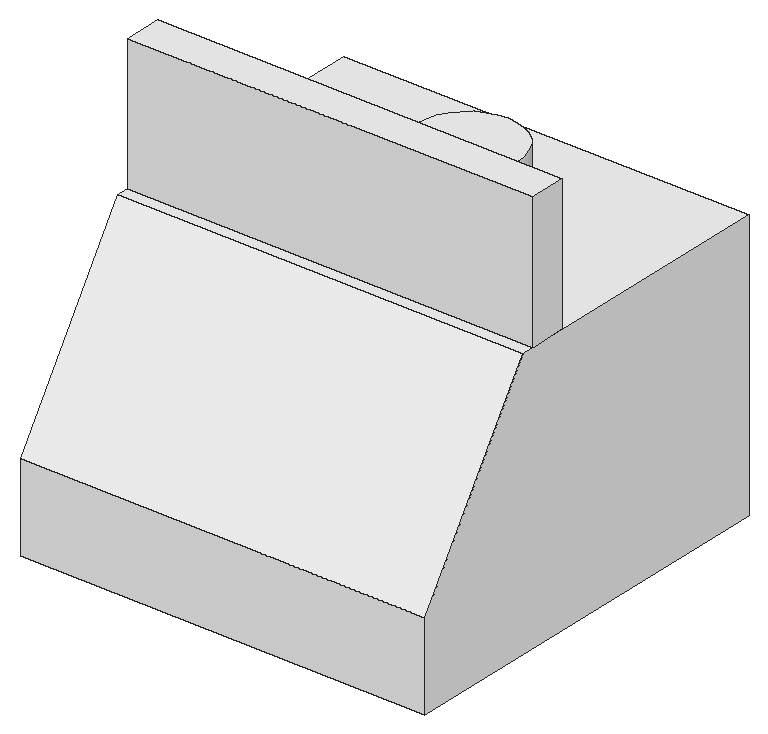
Revit family "v-604ksw8(-bl)_50Hz", category 機械設備, Revit 2019
Family settings
  丸型コネクタ寸法 = 直径を使用
  パーツ タイプ = 標準
  OmniClass 番号 = 23.75.35.17.27
  OmniClass タイトル = Centrifugal Fans
  作業面ベース = いいえ
  常に垂直 = はい
  ロード時にボイドで切り取り = いいえ
  共有 = いいえ
  部屋計算ポイント = いいえ
Parameters (values of type "V-604KSW8")
  騒音レベル(dB(A)) = 39.5
  風量 = 600.0 m³/h
  電源種別 [instance] = ""
  電圧 = 100 V
  電動機出力 = 0 W
  電動機_種別 = ""
  集中コントローラ = ""
  運転質量 = 0.00 kg
  連動 [instance] = ""
  質量 = if(製品質量 > 運転質量, 製品質量, 運転質量) * 1.2  # 19.80 kg
  負荷分類 = 3_ファン類
  説明 = "レンジフードファン 深形 標準タイプ 壁スイッチタイプ"
  設計風量 = 0.0 m³/h
  設置方法 = "天吊"
  記号 [instance] = ""
  製造元 = "三菱電機株式会社"
  製品質量 = 16.50 kg
  製品出荷対象 = "国内"
  製品リリース年月 = "2022年6月1日"
  製品グループ = ""
  系統 [instance] = ""
  符号 = if(☑給気／□排気, "FS", "FE")  # "FE"
  積算_科目 = "2 換気設備"
  積算_拾い区分 [instance] = ""
  相 = 1
  盤記号 [instance] = ""
  発停方法 [instance] = ""
  特殊仕様 [instance] = ""
  火災停止 [instance] = ""
  消費電力 = 77 W
  法定耐用年数 = "15"
  機外静圧_排気 = 210.0 Pa
  機外静圧 = 0.0 Pa
  極数 = 2
  材質 [instance] = ""
  操作・制御方式 = ""
  操作・制御スイッチ = ""
  排気量 = 0.0 m³/h
  形式 = "片吸込形"
  幹線記号 [instance] = ""
  対象室 [instance] = ""
  実風量 = 0.0 m³/h
  始動方式 [instance] = "直入"
  天吊用穴_D_後・上配管 = 255 mm
  天吊用穴_D_右・左配管 = 290 mm
  天吊用穴_ピッチ = 480 mm
  外気量 = 0.0 m³/h
  呼称 = "遠心送風機"
  周波数 = 50 Hz
  参照している仕様書等のバージョン = ""
  分類コード = "50052503100060"
  分類グループ = ""
  価格 = 102400
  企業コード = "108420"
  付属品_フィルター_還気 = ""
  付属品_フィルター = ""
  付属品 [instance] = ""
  仕様書バージョン = "Version1.0"
  モデル = "V-604KSW8"
  マテリアル = 鋼板(白)
  ファンの種類 = ""
  ダクト径 = 150 mm
  コメント [instance] = ""
  Keynote = ""
  Assembly Code = ""
  ☑給気／□排気 = no
  Width = 600 mm
  W1 = Width / 2  # 300 mm
  Version = ""
  Uniclass2015Version = "Systems v1.9"
  Uniclass2015Title = "Centrifugal fans"
  Uniclass2015Code = "Pr_65_67_29_12"
  URL = "https://www.mitsubishielectric.co.jp/ldg/wink/ssl/displayProduct.do?pid=320919"
  SpecificationReference = ""
  SpecificationDescription = ""
  Revision = ""
  ProductInformation = ""
  OmniClassCode = "23-33 31 19 13 15"
  MIN風量 = 350.0 m³/h
  MIN静圧 = 0.0 Pa
  MID風量 = 0.0 m³/h
  MID静圧 = 0.0 Pa
  MAX風量 = 600.0 m³/h
  MAX静圧 = 0.0 Pa
  IfcTypeProduct = ""
  IfcProduct = ""
  IfcExportType = "CENTRIFUGALFORWARDCURVED"
  IfcExportAs = "IfcFanType"
  Height = 400 mm
  H2 = 600 mm
  H1 = 129 mm
  EAサイズ_D = 148 mm
  Duct_Height = 55 mm
  Duct_D = 145 mm
  Depth = 600 mm
  D3 = 55 mm
  D2 = 400 mm
  D1 = 419 mm
  Clearance Top = 0 mm
  Clearance Right = 0 mm
  Clearance Left = 0 mm
  Clearance Front = 0 mm
  Clearance Bottom = 0 mm
  Clearance Back = 0 mm
  Author = "三菱電機株式会社"
Types (2, lengths in mm): name | 騒音レベル(dB(A)) | 風量 | 質量 | 製品質量 | 消費電力 | 価格 | モデル | URL | MIN風量 | MAX風量 | Depth | D2 | D1
  V-604KSW8 | 39.5 | 600.0 m³/h | 19.80 kg | 16.50 kg | 77 W | 102400 | "V-604KSW8" | "https://www.mitsubishielectric.co.jp/ldg/wink/ssl/displayProduct.do?pid=320919" | 350.0 m³/h | 600.0 m³/h | 600 | 400 | 419
  V-604KSW8-BL | 43 | 660.0 m³/h | 20.40 kg | 17.00 kg | 118 W | 109800 | "V-604KSW8-BL" | "https://www.mitsubishielectric.co.jp/ldg/wink/ssl/displayProduct.do?pid=320920" | 380.0 m³/h | 660.0 m³/h | 650 | 375 | 469
Reference planes
  plane 1 "中心(正面/背面)": y = 0
  plane 2: z = 0
  plane 3 "中心(左/右)": x = 0
  plane 4: x = -300
  plane 5: x = 300
  plane 6: y = -600
  plane 7: z = -400
  plane 8: z = -271
  plane 9: z = 55
  plane 10: y = -300
  plane 11: y = -419
  plane 12: y = -145
  plane 13: z = 200
  plane 14: y = -345
  plane 15: y = -400
  plane 16: x = -240
  plane 17: x = 240
  plane 18: y = -255
  plane 19: y = -290
  plane 20: x = -150
  plane 21: x = 150
Forms (mm)
  Extrusion 1, solid, material "鋼板(白)" <- "マテリアル", detail levels fine
    sketch origin (0, 0, 0) x (1, 0, 0) y (0, 1, 0)
      loop
        line (-300, 0) -> (-300, -419) -> (300, -419) -> (300, 0) -> (-300, 0)
    from -400 to 0
  Blend 2, solid, material "鋼板(白)" <- "マテリアル", detail levels fine
    base sketch origin (0, 0, 0) x (1, 0, 0) y (0, 0, 1)
      loop
        line (-300, -400) -> (300, -400) -> (300, 0) -> (-300, 0) -> (-300, -400)
    top sketch origin (0, 0, 0) x (1, 0, 0) y (0, 0, 1)
      loop
        line (-300, -400) -> (300, -400) -> (300, -271) -> (-300, -271) -> (-300, -400)
    from 419 to 600
  Extrusion 3, solid, material "鋼板(白)" <- "マテリアル", detail levels fine
    sketch origin (0, 0, 0) x (1, 0, 0) y (0, 1, 0)
      loop
        circle (0, -145) r 74
    from 0 to 55
  Extrusion 4, solid, material "鋼板(白)" <- "マテリアル", detail levels fine
    sketch origin (0, 0, 0) x (1, 0, 0) y (0, 1, 0)
      loop
        line (-300, -345) -> (-300, -400) -> (300, -400) -> (300, -345) -> (-300, -345)
    from 0 to 200
Cuts and joins
  joined: Extrusion 1, Blend 2
Lines and regions (mm)
  Masking region 1, detail levels coarse+medium
    outline origin (1326.5, 29, 0) x (1, 0, 0) y (0, 1, 0)
      loop
        line (-1626.5, -29) -> (-1626.5, -629) -> (-1026.5, -629) -> (-1026.5, -29) -> (-1626.5, -29)
  symbolic lines, detail levels coarse+medium
    curve 1: circle (-150, -300, 0) r 150 normal (0, 0, 1)
    curve 2: circle (150, -300, 0) r 150 normal (0, 0, 1)
Dimensions and locks
  equal spacing: plane 4, plane 3 "中心(左/右)", plane 5
  "Width": plane 4 to plane 5
  equal spacing: plane 6, plane 10, plane 1 "中心(正面/背面)"
  "Depth": plane 1 "中心(正面/背面)" to plane 6
  "D1": plane 1 "中心(正面/背面)" to plane 11
  "Duct_D": plane 1 "中心(正面/背面)" to plane 12
  "Height": level to plane 7
  "Duct_Height": plane 9 to level
  "H1": plane 8 to plane 7
  "H2": plane 13 to plane 7
  "D3": plane 14 to plane 15
  "D2": plane 1 "中心(正面/背面)" to plane 15
  "天吊用穴_ピッチ": plane 16 to plane 17
  equal spacing: plane 16, plane 3 "中心(左/右)", plane 17
  "天吊用穴_D_後・上配管": plane 1 "中心(正面/背面)" to plane 18
  "天吊用穴_D_右・左配管": plane 1 "中心(正面/背面)" to plane 19
  equal spacing: plane 4, plane 20, plane 3 "中心(左/右)"
  equal spacing: plane 3 "中心(左/右)", plane 21, plane 5
  "EAサイズ_D": diameter of Extrusion 3 sketch curve
  "W1": diameter of curve 1
  "W1": diameter of curve 2
  aligned and locked: level to plane 2
  aligned and locked: Masking region 1 to plane 4
  aligned and locked: plane 5 to Masking region 1
  aligned and locked: Masking region 1 to plane 6
  aligned and locked: Masking region 1 to plane 1 "中心(正面/背面)"
  aligned and locked: plane 1 "中心(正面/背面)" to Extrusion 1 sketch curve
  aligned and locked: plane 4 to Extrusion 1 sketch curve
  aligned and locked: plane 11 to Extrusion 1 sketch curve
  aligned and locked: Extrusion 1 sketch curve to plane 5
  aligned and locked: Blend 2 sketch curve to plane 7  (x2)
  aligned and locked: level to Blend 2 sketch curve
  aligned and locked: Blend 2 sketch curve to plane 5
  aligned and locked: Blend 2 sketch curve to plane 4
  aligned and locked: var sketch to Blend 2 sketch curve
  aligned and locked: Extrusion 1 to plane 7
  aligned and locked: level to Extrusion 1
  aligned and locked: Blend 2 to plane 6
  aligned and locked: plane 11 to Blend 2
  aligned and locked: plane 9 to Extrusion 3
  aligned and locked: Extrusion 3 to level
  aligned and locked: plane 8 to Blend 2 sketch curve
  aligned and locked: Extrusion 4 sketch curve to plane 14
  aligned and locked: plane 4 to Extrusion 4 sketch curve
  aligned and locked: plane 15 to Extrusion 4 sketch curve
  aligned and locked: Extrusion 4 sketch curve to plane 5
  aligned and locked: plane 13 to Extrusion 4
  aligned and locked: Extrusion 4 to level
  aligned and locked: nested 1 to plane 19
  aligned and locked: plane 18 to nested 1
  aligned and locked: plane 16 to nested 1
  aligned and locked: plane 17 to nested 1
Automatic sketch dimensions
  Masking region 1 sketch curve to plane 4 = 0 mm
  Masking region 1 sketch curve to plane 5 = 0 mm
  Masking region 1 sketch curve to plane 6 = 0 mm
  plane 1 "中心(正面/背面)" to Masking region 1 sketch curve = 0 mm
  Blend 2 sketch curve to plane 4 = 0 mm
  Extrusion 3 sketch curve to plane 3 "中心(左/右)" = 0 mm
  Extrusion 3 sketch curve to plane 12 = 0 mm
  curve 1 to plane 10 = 0 mm
  curve 1 to plane 20 = 0 mm
  curve 2 to plane 10 = 0 mm
  curve 2 to plane 21 = 0 mm
Nested families
  nested 1: "固定点" at (-240, -290, 0), type "固定点"
    with W 480 mm, D 35 mm
Connectors
  hvac at (0, -145, 55), driven by "ダクト径", driven by "機外静圧", driven by "風量"
    settings: on Extrusion 3, index 1, duct flow 600.0 m³/h, flow factor 0, pres drop 0.0 Pa, loss coef 0, conn angle 0.00°, conn width 304.8 mm, conn height 304.8 mm, conn diameter 150 mm, duct sys type 3, conn prof type 0, flow config 0, flow direction 2, loss method 4, conn ref index -1, conn util no, is conn primary yes, conn desc ""
  electrical at (0, -209.5, 0), driven by "極数", driven by "負荷分類", driven by "電圧", driven by "消費電力"
    settings: on cut or joined group of Extrusion 1, Blend 2, index 2, voltage 100 V, apparent load 77 VA, apparent load phase1 0 VA, apparent load phase2 0 VA, apparent load phase3 0 VA, power factor 1, load classification "3_ファン類", number of poles 2, system type 30, power factor state 1, is connector primary yes, connector utility no, sub classification motor no, connector description ""
Definition of nested family "固定点"
  Parameters (values of type "固定点")
    中心円 = 20 mm
    W [instance] = 1000 mm
    D [instance] = 1000 mm
  Reference planes
    plane 1 "中心(正面/背面)": y = 0
    plane 2: z = 0
    plane 3 "中心(左/右)": x = 0
    plane 4: x = 1000
    plane 5: y = 1000
  Lines and regions (mm)
    symbolic lines, detail levels fine
      curve 1: circle (0, 1000, 0) r 10 normal (0, 0, 1)
      curve 2: circle (0, 0, 0) r 10 normal (0, 0, 1)
      curve 3: circle (1000, 1000, 0) r 10 normal (0, 0, 1)
      curve 4: circle (1000, 0, 0) r 10 normal (0, 0, 1)
      curve 5: line (-200, 1000, 0) -> (1200, 1000, 0)
      curve 6: line (-200, 0, 0) -> (1200, 0, 0)
      curve 7: line (0, 1200, 0) -> (0, -200, 0)
      curve 8: line (1000, 1200, 0) -> (1000, -200, 0)
  Dimensions and locks
    "W": plane 3 "中心(左/右)" to plane 4
    "D": plane 1 "中心(正面/背面)" to plane 5
    "中心円": diameter of curve 1
    "中心円": diameter of curve 2
    "中心円": diameter of curve 3
    "中心円": diameter of curve 4
    aligned and locked: level to plane 2
    aligned and locked: plane 5 to curve 1
    aligned and locked: plane 3 "中心(左/右)" to curve 1
    aligned and locked: plane 3 "中心(左/右)" to curve 2
    aligned and locked: plane 1 "中心(正面/背面)" to curve 2
    aligned and locked: plane 4 to curve 3
    aligned and locked: plane 5 to curve 3
    aligned and locked: plane 1 "中心(正面/背面)" to curve 4
    aligned and locked: plane 4 to curve 4
    aligned and locked: plane 1 "中心(正面/背面)" to curve 6
    aligned and locked: curve 7 to plane 3 "中心(左/右)"
    aligned and locked: curve 8 to plane 4
  Automatic sketch dimensions
    curve 5 to plane 5 = 0 mm
    curve 6 to plane 3 "中心(左/右)" = 200 mm
    curve 5 to plane 3 "中心(左/右)" = 200 mm
    curve 4 to curve 6 = 200 mm
    curve 3 to curve 5 = 200 mm
    plane 1 "中心(正面/背面)" to curve 8 = 200 mm
    plane 1 "中心(正面/背面)" to curve 7 = 200 mm
    curve 3 to curve 8 = 200 mm
    curve 1 to curve 7 = 200 mm
